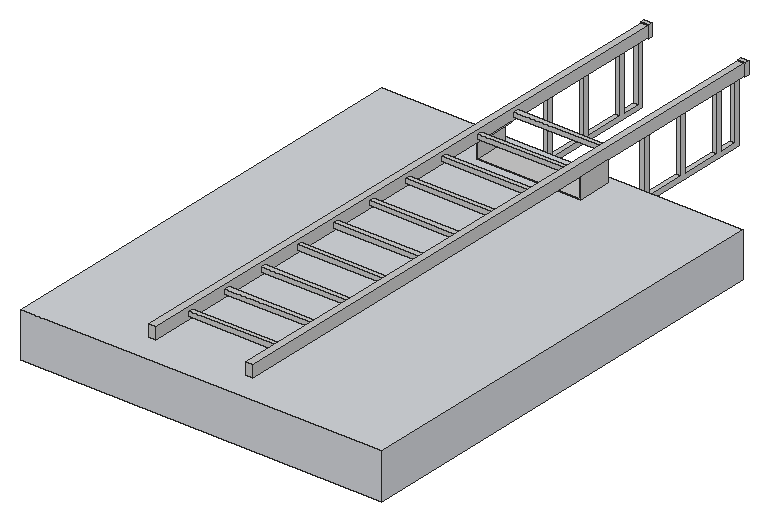
Revit family
Parameters (values of type "24in Width")
  numrungcalcd [instance] = if(FF to Top of Decking - Ladder Base Offset - ((numrungcalcc - 1) * 1' 0") > 1' 2", numrungcalcc + 1, numrungcalcc)  # 10
  numrungcalcc [instance] = (FF to Top of Decking - Ladder Base Offset) / 1' 0"  # 10
  numrungcalca [instance] = FF to Top of Decking - Ladder Base Offset - ((numrungcalcc - 1) * 1' 0")  # 1' - 0"
  Warranty Duration (Years) = 0
  Unit Width_Outside Frame [instance] = if(1 = 1, Unit Width + (0' 1 3/4" * 2), 0' 0")  # 2' - 3 1/2"
  Unit Width = 2' - 0"
  Unit Height [instance] = FF to Top of Decking + 3' 8 1/2" - Ladder Base Offset  # 13' - 8 1/2"
  URL = "http://www.okeeffes.com/"
  Top Decking to Top Bracket CL [instance] = 0' - 6 5/8"  # constant formula
  Test Data = ""
  Standards Conformance = "OSHA 1910.27"
  Specification = ""
  SpecWizard = ""
  Send Message = ""
  Sales Information = "http://www.okeeffes.com/contact-us.php"
  Revision = "R1_2015-11"
  Projection from Host [instance] = 0' - 7"
  Product Properties = ""
  Product Data = "http://www.arcat.com/arcatcos/cos34/arc34555.html"
  Number of Rungs [instance] = numrungcalcd  # 10
  Model = "Model 502"
  Manufacturer Website = "http://www.okeeffes.com/"
  Manufacturer Phone - Toll Free = "888-653-3333"
  Manufacturer Phone = "415-822-4222"
  Manufacturer Fax = "415-822-5222"
  Manufacturer Address = "100 N. Hill Dr.   Suite 12   Brisbane, CA 94005"
  Manufacturer = "O'Keeffe's, Inc"
  Maintenance Schedule (Months) = 0
  Ladder_Off Floor Mounted [instance] = not(Ladder_Floor Mounted)  # no
  Ladder_Floor Mounted [instance] = yes
  Ladder Base Offset [instance] = if(Ladder_Floor Mounted, 0' 0", 0' 4")  # 0' - 0"
  Keynote = "05515"
  Installation-Fabrication = ""
  Installation Phase = ""
  Include Security Door [instance] = no
  Green Building-LEED = ""
  Frame Finish [instance] = Metal - Aluminum - O'Keeffe's - Standard Mill
  FF to Top of Decking [instance] = 10' - 0"
  FF to Bottom Rung CL [instance] = FF to Top of Decking - ((Number of Rungs - 1) * 1' 0") - 0' 0 5/8"  # 0' - 11 3/8"
  FF to Bottom Bracket CL [instance] = 0' - 11"
  Expected Lifespan (Years) = 0
  Drawn By = "Sumex Design, Inc. / Robert S. Weygant, CSI, CDT, SCIP"
  Description = "O'Keeffe's Model 502 Low Parapet Access Ladder - 24in Width as Specified"
  Default Elevation = 0' - 0"
  Copyright = "©Arcat Inc."
  Construction Details = ""
  Capacity = "1500 lbs per Rung"
  Building Codes = ""
  Available Options [instance] = "[Intermediate Brackets][Extended Intermediate Brackets][Fall Arrest System][Safety Post for Roof Hatch]"
  Assembly Code = "B1010700"
Reference planes (in)
  plane 1 "SecDoor": y = 47.5395
  plane 2: z = 0
  plane 3 "Center (Left/Right)": x = 0
  plane 4: x = -12
  plane 5: x = 12
  plane 6 "Ladder CL": z = 7
  plane 7 "FF": y = -46.4605
  plane 8 "Deck Level": y = 73.5395
  plane 9: y = 118.0395
  plane 10: y = -46.4605
  plane 11: y = 72.9145
  plane 12: y = 66.9145
  plane 13: y = -35.4605
  plane 14: y = 114.7895
  plane 15: y = 108.7895
  plane 16: y = 96.7895
  plane 17: y = 84.7895
  plane 18: z = -9.875
Forms (in)
  Extrusion 1, solid
    sketch origin (0, 0, 0) x (1, 0, 0) y (0, 1, 0)
      loop
        line (-48, 73.5395) -> (-48, -46.4605) -> (48, -46.4605) -> (48, 73.5395) -> (-48, 73.5395)
    from 0 to -12
  Extrusion 2, solid, material "Metal - Aluminum - O'Keeffe's - Standard Mill" <- "Frame Finish"
    sketch origin (0, 47.5395, 0) x (1, 0, 0) y (0, 0, 1)
      loop
        line (-12, 5.5) -> (-12, 8.5) -> (-13.75, 8.5) -> (-13.75, 5.5) -> (-12, 5.5)
      loop
        line (12, 5.5) -> (13.75, 5.5) -> (13.75, 8.5) -> (12, 8.5) -> (12, 5.5)
    from -70.5 to 94
  Extrusion 3, solid, material "Metal - Aluminum - O'Keeffe's - Standard Mill" <- "Frame Finish"
    sketch origin (0, 66.9145, -2.26987) x (0, 0, -1) y (1, 0, 0)
      loop
        line (-7.76987, -12) -> (-7.76987, -13.75) -> (-2.26987, -13.75) -> (-2.26987, 13.75) -> (-7.76987, 13.75) -> (-7.76987, 12) -> (-7.58237, 12) -> (-7.58237, 13.5625) -> (-2.45737, 13.5625) -> (-2.45737, -13.5625) -> (-7.58237, -13.5625) -> (-7.58237, -12) -> (-7.76987, -12)
    from -4.5 to 4.5
  Extrusion 4, solid, material "Metal - Aluminum - O'Keeffe's - Standard Mill" <- "Frame Finish", visible <- "Ladder_Off Floor Mounted"
    sketch origin (0, -35.4605, 13.06054) x (0, 0, 1) y (1, 0, 0)
      loop
        line (-7.56054, -12) -> (-7.74804, -12) -> (-7.74804, -13.5625) -> (-12.87304, -13.5625) -> (-12.87304, 13.5625) -> (-7.74804, 13.5625) -> (-7.74804, 12) -> (-7.56054, 12) -> (-7.56054, 13.75) -> (-13.06054, 13.75) -> (-13.06054, -13.75) -> (-7.56054, -13.75) -> (-7.56054, -12)
    from -4.5 to 4.5
  Extrusion 5, solid, material "Metal - Aluminum - O'Keeffe's - Standard Mill" <- "Frame Finish"
    sketch origin (-15.17702, -180, 7) x (-1, 0, 0) y (0, -1, 0)
      loop
        line (-2.67702, -298.0395) -> (-1.30202, -298.0395) -> (-1.30202, -297.0395) -> (-3.30202, -297.0395) -> (-3.30202, -298.0395) -> (-2.67702, -298.0395)
      loop
        line (-27.67702, -298.0395) -> (-27.05202, -298.0395) -> (-27.05202, -297.0395) -> (-29.05202, -297.0395) -> (-29.05202, -298.0395) -> (-27.67702, -298.0395)
    from -1.625 to 1.625
  Extrusion 6, solid, material "Metal - Aluminum - O'Keeffe's - Standard Mill" <- "Frame Finish", visible <- "Include Security Door"
    sketch origin (-26.52564, -46.4605, 48) x (1, 0, 0) y (0, 0, 1)
      loop
        line (40.27564, -39.25) -> (12.52564, -39.25) -> (12.52564, -40.25) -> (12.77564, -40.25) -> (12.77564, -48) -> (40.27564, -48) -> (40.27564, -39.25)
    from -4 to -94
  Extrusion 7, solid, material "Metal - Aluminum - O'Keeffe's - Standard Mill" <- "Frame Finish"
    sketch origin (12, 19.13326, 48) x (0, 1, 0) y (0, 0, 1)
      loop
        line (65.03123, -58.5) -> (96.28123, -58.5) -> (96.28123, -41) -> (95.03123, -41) -> (95.03123, -57.25) -> (90.28123, -57.25) -> (90.28123, -41) -> (89.03123, -41) -> (89.03123, -57.25) -> (78.28123, -57.25) -> (78.28123, -41) -> (77.03123, -41) -> (77.03123, -57.25) -> (66.28123, -57.25) -> (66.28123, -41) -> (65.03123, -41) -> (65.03123, -58.5)
    from 0.25 to 1.5
  Extrusion 8, solid, material "Metal - Aluminum - O'Keeffe's - Standard Mill" <- "Frame Finish"
    sketch origin (-12, 19.13326, 48) x (0, 1, 0) y (0, 0, 1)
      loop
        line (65.03123, -41) -> (65.03123, -58.5) -> (96.28123, -58.5) -> (96.28123, -41) -> (95.03123, -41) -> (95.03123, -57.25) -> (90.28123, -57.25) -> (90.28123, -41) -> (89.03123, -41) -> (89.03123, -57.25) -> (78.28123, -57.25) -> (78.28123, -41) -> (77.03123, -41) -> (77.03123, -57.25) -> (66.28123, -57.25) -> (66.28123, -41) -> (65.03123, -41)
    from -0.25 to -1.5
Cuts and joins
  joined: Extrusion 2, Extrusion 5, Extrusion 7, Extrusion 8
Lines and regions (in)
  model lines, style "GenericModelHiddenLines", visible <- "Include Security Door"
    curve 1: line (13.75, 47.5395, 8.75) -> (-14, 2.5395, 8.75)
    curve 2: line (-14, 2.5395, 8.75) -> (13.75, -42.4605, 8.75)
Dimensions and locks (in)
  "Projection from Host": plane 6 "Ladder CL" to level
  equal spacing: plane 4, plane 3 "Center (Left/Right)", plane 5
  "Unit Width": plane 4 to plane 5
  "FF to Top of Decking": plane 7 "FF" to plane 8 "Deck Level"
  "Unit Height": plane 9 to plane 10
  "Ladder Base Offset": plane 10 to plane 7 "FF"
  locked: plane 8 "Deck Level" to plane 11 at 0.625
  equal spacing: group 1, group 2, group 3, group 4, group 5, group 6, group 7, group 8, group 9, group 10  (x2)
  equal spacing: group 10, group 9, group 8, group 7, group 6, group 5, group 4, group 3, group 2, group 1
  locked: nested 1 to nested 2 at 12
  "Top Decking to Top Bracket CL": plane 12 to plane 8 "Deck Level"
  "FF to Bottom Bracket CL": plane 10 to plane 13
  plane 4 to Extrusion 3 sketch curve to Extrusion 3 sketch curve = 0' - 1 9/16" locked, 0' - 0 3/16" locked
  Extrusion 3 sketch curve to Extrusion 3 sketch curve to plane 5 = 0' - 0 3/16" locked, 0' - 1 9/16" locked
  plane 4 to Extrusion 4 sketch curve to Extrusion 4 sketch curve = 0' - 1 9/16" locked, 0' - 0 3/16" locked
  Extrusion 4 sketch curve to Extrusion 4 sketch curve to plane 5 = 0' - 0 3/16" locked, 0' - 1 9/16" locked
  Extrusion 5 sketch curve to plane 4 to Extrusion 5 sketch curve = 0' - 1 7/8" locked, 0' - 0 1/8" locked
  Extrusion 5 sketch curve to plane 5 to Extrusion 5 sketch curve = 0' - 0 1/8" locked, 0' - 1 7/8" locked
  locked: plane 7 "FF" to plane 1 "SecDoor" at 94
  locked: plane 4 to Extrusion 6 sketch curve at 2
  locked: Extrusion 6 sketch curve to plane 6 "Ladder CL" at 1.75
  locked: Extrusion 6 sketch curve to plane 6 "Ladder CL" at 0.75
  locked: plane 4 to Extrusion 6 sketch curve at 1.75
  locked: Extrusion 6 sketch curve to plane 5 at 1.75
  locked: plane 4 to Extrusion 2 sketch curve at 1.75
  locked: Extrusion 2 sketch curve to plane 5 at 1.75
  locked: plane 8 "Deck Level" to plane 17 at 11.25
  locked: plane 17 to plane 16 at 12
  locked: plane 16 to plane 15 at 12
  locked: plane 15 to plane 14 at 6
  locked: plane 6 "Ladder CL" to plane 18 at 16.875
  Extrusion 7 sketch curve to plane 17 to Extrusion 7 sketch curve = 0' - 0 5/8" locked, 0' - 0 5/8" locked
  Extrusion 7 sketch curve to plane 16 to Extrusion 7 sketch curve = 0' - 0 5/8" locked, 0' - 0 5/8" locked
  Extrusion 7 sketch curve to plane 15 to Extrusion 7 sketch curve = 0' - 0 5/8" locked, 0' - 0 5/8" locked
  Extrusion 7 sketch curve to plane 14 to Extrusion 7 sketch curve = 0' - 0 5/8" locked, 0' - 0 5/8" locked
  Extrusion 7 sketch curve to plane 18 to Extrusion 7 sketch curve = 0' - 0 5/8" locked, 0' - 0 5/8" locked
  Extrusion 8 sketch curve to plane 17 to Extrusion 8 sketch curve = 0' - 0 5/8" locked, 0' - 0 5/8" locked
  Extrusion 8 sketch curve to plane 16 to Extrusion 8 sketch curve = 0' - 0 5/8" locked, 0' - 0 5/8" locked
  Extrusion 8 sketch curve to plane 15 to Extrusion 8 sketch curve = 0' - 0 5/8" locked, 0' - 0 5/8" locked
  Extrusion 8 sketch curve to plane 14 to Extrusion 8 sketch curve = 0' - 0 5/8" locked, 0' - 0 5/8" locked
  Extrusion 8 sketch curve to plane 18 to Extrusion 8 sketch curve = 0' - 0 5/8" locked, 0' - 0 5/8" locked
  aligned and locked: plane 2 to Extrusion 1
  aligned and locked: level to Extrusion 1
  aligned and locked: Extrusion 2 to plane 10
  aligned and locked: plane 9 to Extrusion 2
  aligned and locked: plane 6 "Ladder CL" to nested 1
  aligned and locked: plane 3 "Center (Left/Right)" to nested 1
  aligned and locked: nested 1 to plane 11
  aligned and locked: Extrusion 3 sketch curve to plane 5
  aligned and locked: Extrusion 3 sketch curve to plane 4
  aligned and locked: plane 6 "Ladder CL" to nested 10
  aligned and locked: Extrusion 4 sketch curve to plane 4
  aligned and locked: Extrusion 4 sketch curve to plane 5
  aligned and locked: Extrusion 6 to plane 1 "SecDoor"
  aligned and locked: plane 6 "Ladder CL" to Extrusion 7 sketch curve  (x4)
  aligned and locked: Extrusion 7 sketch curve to Extrusion 7 sketch curve  (x2)
  aligned and locked: Extrusion 8 sketch curve to plane 6 "Ladder CL"  (x4)
  aligned and locked: Extrusion 8 sketch curve to Extrusion 8 sketch curve  (x2)
Automatic sketch dimensions
  Extrusion 1 sketch curve to Extrusion 1 sketch curve = 8' - 0"
  Extrusion 1 sketch curve to Extrusion 1 sketch curve = 10' - 0"
  curve 2 to Extrusion 6 = 0' - 0"  (x2)
  curve 1 to Extrusion 6 = 0' - 0"  (x2)
  Extrusion 6 to curve 1 = 0' - 0"
  Extrusion 6 to curve 2 = 3' - 9"
  Extrusion 2 sketch curve to plane 4 = 0' - 0"
  Extrusion 2 sketch curve to plane 5 = 0' - 0"
  Extrusion 2 sketch curve to plane 6 "Ladder CL" = 0' - 1 1/2"  (x2)
  plane 6 "Ladder CL" to Extrusion 2 sketch curve = 0' - 1 1/2"  (x2)
  Extrusion 5 sketch curve to plane 9 = 0' - 0"  (x2)
  plane 5 to Extrusion 5 sketch curve = 0' - 0 1/2"
  Extrusion 5 sketch curve to plane 4 = 0' - 0 1/2"
  Extrusion 5 sketch curve to plane 9 = 0' - 1"  (x2)
  Extrusion 6 sketch curve to level = 0' - 0"
  Extrusion 4 sketch curve to level = 0' - 0"
  level to Extrusion 4 sketch curve = 0' - 0 3/16"
  Extrusion 4 sketch curve to plane 6 "Ladder CL" = 0' - 1 11/16"  (x2)
  Extrusion 4 sketch curve to Extrusion 4 sketch curve = 0' - 0 3/16"  (x2)
  Extrusion 3 sketch curve to level = 0' - 0"
  level to Extrusion 3 sketch curve = 0' - 0 3/16"
  Extrusion 3 sketch curve to plane 6 "Ladder CL" = 0' - 1 11/16"  (x2)
  Extrusion 3 sketch curve to Extrusion 3 sketch curve = 0' - 0 3/16"  (x2)
Nested families (in)
  nested 1: "Square Rung" at (0, 72.9145, 7) x (0, 1, 0) z (0, 0, 1), rung width <- "Unit Width", finish <- "Frame Finish", type "Square Rung"
    with rung width 2' - 0", finish Metal - Aluminum - O'Keeffe's - Standard Mill
  nested 2: "Square Rung" at (0, 60.9145, 7) x (0, 1, 0) z (0, 0, 1), rung width <- "Unit Width", finish <- "Frame Finish", type "Square Rung"
    with rung width 2' - 0", finish Metal - Aluminum - O'Keeffe's - Standard Mill
  nested 3: "Square Rung" at (0, 48.9145, 7) x (0, 1, 0) z (0, 0, 1), rung width <- "Unit Width", finish <- "Frame Finish", type "Square Rung"
    with rung width 2' - 0", finish Metal - Aluminum - O'Keeffe's - Standard Mill
  nested 4: "Square Rung" at (0, 36.9145, 7) x (0, 1, 0) z (0, 0, 1), rung width <- "Unit Width", finish <- "Frame Finish", type "Square Rung"
    with rung width 2' - 0", finish Metal - Aluminum - O'Keeffe's - Standard Mill
  nested 5: "Square Rung" at (0, 24.9145, 7) x (0, 1, 0) z (0, 0, 1), rung width <- "Unit Width", finish <- "Frame Finish", type "Square Rung"
    with rung width 2' - 0", finish Metal - Aluminum - O'Keeffe's - Standard Mill
  nested 6: "Square Rung" at (0, 12.9145, 7) x (0, 1, 0) z (0, 0, 1), rung width <- "Unit Width", finish <- "Frame Finish", type "Square Rung"
    with rung width 2' - 0", finish Metal - Aluminum - O'Keeffe's - Standard Mill
  nested 7: "Square Rung" at (0, 0.9145, 7) x (0, 1, 0) z (0, 0, 1), rung width <- "Unit Width", finish <- "Frame Finish", type "Square Rung"
    with rung width 2' - 0", finish Metal - Aluminum - O'Keeffe's - Standard Mill
  nested 8: "Square Rung" at (0, -11.0855, 7) x (0, 1, 0) z (0, 0, 1), rung width <- "Unit Width", finish <- "Frame Finish", type "Square Rung"
    with rung width 2' - 0", finish Metal - Aluminum - O'Keeffe's - Standard Mill
  nested 9: "Square Rung" at (0, -23.0855, 7) x (0, 1, 0) z (0, 0, 1), rung width <- "Unit Width", finish <- "Frame Finish", type "Square Rung"
    with rung width 2' - 0", finish Metal - Aluminum - O'Keeffe's - Standard Mill
  nested 10: "Square Rung" at (0, -35.0855, 7) x (0, 1, 0) z (0, 0, 1), rung width <- "Unit Width", finish <- "Frame Finish", type "Square Rung"
    with rung width 2' - 0", finish Metal - Aluminum - O'Keeffe's - Standard Mill
Definition of nested family "Square Rung"
  Parameters (values of type "Square Rung")
    rung width [instance] = 2' - 4"
    finish [instance] = none
    Assembly Code = ""
  Reference planes (in)
    plane 1 "Center (Front/Back)": y = 0
    plane 2: z = 0
    plane 3 "Center (Left/Right)": x = 0
    plane 4: y = 14
    plane 5: y = -14
  Forms (in)
    Extrusion 1, solid, material <- "finish"
      sketch origin (0, 0, 0) x (0, -1, 0) y (1, 0, 0)
        loop
          line (-14, 0.625) -> (-14, -0.625) -> (14, -0.625) -> (14, 0.625) -> (-14, 0.625)
      from 0.625 to -0.625
  Dimensions and locks (in)
    equal spacing: plane 5, plane 1 "Center (Front/Back)", plane 4
    "rung width": plane 5 to plane 4
    aligned and locked: plane 2 to level
  Automatic sketch dimensions
    plane 4 to Extrusion 1 sketch curve = 0' - 0"
    plane 5 to Extrusion 1 sketch curve = 0' - 0"
    Extrusion 1 sketch curve to plane 3 "Center (Left/Right)" = 0' - 0 5/8"
    plane 3 "Center (Left/Right)" to Extrusion 1 sketch curve = 0' - 0 5/8"
